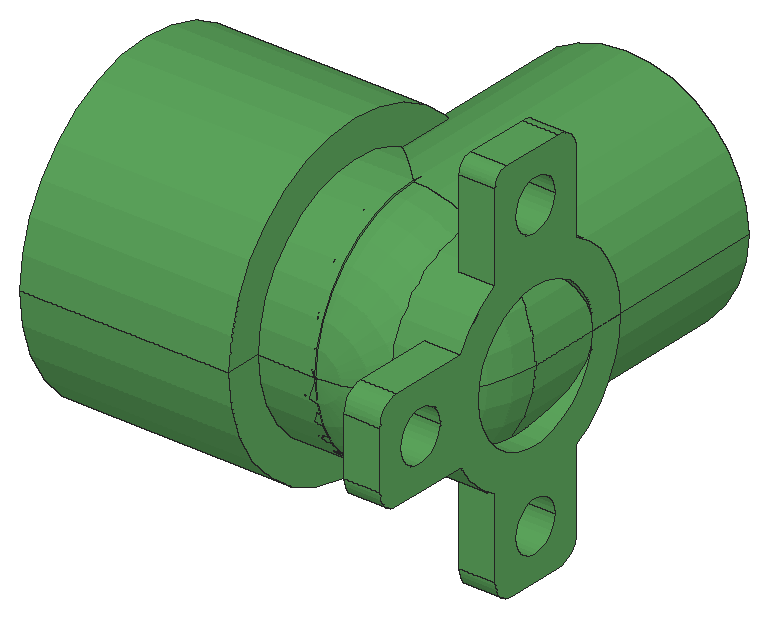
Revit family "Aquatherm_Настенная шайба под штукатурку", category Соединительные детали трубопроводов, Revit 2019
Family settings
  Размер круглого соединителя = Использовать диаметр
  Тип детали = Отвод
  На основе рабочей плоскости = Нет
  Всегда вертикально = Да
  При загрузке вырезать с полостями = Нет
  Общий = Нет
Parameters (values of type "SDR 6")
  Нержавеющая сталь [instance] = not(Латунь)  # yes
  Материал_Корпус_2 = AquaTherm латунь pipe
  Материал_Корпус = AquaTherm green pipe
  Латунь [instance] = no
  z2 [instance] = size_lookup("Настенная шайба под штукатурку", "z2", 18 mm, d, R, lt)  # 13 mm
  z1 [instance] = size_lookup("Настенная шайба под штукатурку", "z1", 18 mm, d, R, lt)  # 24 mm
  z [instance] = size_lookup("Настенная шайба под штукатурку", "z", 18 mm, d, R, lt)  # 22.5 mm
  r1 [instance] = d  # 20 mm
  r [instance] = D  # 34 mm
  n [instance] = z2  # 13 mm
  m [instance] = z  # 22.5 mm
  lt [instance] = if(Латунь, 1 mm, 0 mm)  # 0 mm
  l1 [instance] = size_lookup("Настенная шайба под штукатурку", "l1", 18 mm, d, R, lt)  # 37 mm
  d3 [instance] = 7 mm  # constant formula
  d1 [instance] = if(d = R, 18 mm, d)  # 18 mm
  c [instance] = size_lookup("Настенная шайба под штукатурку", "c", 18 mm, d, R, lt)  # 20 mm
  URL = "www.agpipe.ru"
  l [instance] = size_lookup("Настенная шайба под штукатурку", "l", 18 mm, d, R, lt)  # 37 mm
  d [instance] = 20 mm
  SDR = 6 mm
  R1 [instance] = R + 3 mm  # 23 mm
  R [instance] = 20 mm
  L [instance] = size_lookup("Настенная шайба под штукатурку", "L", 18 mm, d, R, lt)  # 54 mm
  D1 [instance] = size_lookup("Настенная шайба под штукатурку", "D1", 18 mm, d, R, lt)  # 44 mm
  D [instance] = size_lookup("Настенная шайба под штукатурку", "D", 18 mm, d, R, lt)  # 34 mm
  ADSK_Примечание = ""
  ADSK_Позиция [instance] = ""
  ADSK_Обозначение [instance] = ""
  ADSK_Наименование [instance] = size_lookup("Настенная шайба под штукатурку", "ADSK_Наименование", "Нет в каталоге", d, R, lt)  # "Настенная шайба под штукатурку DN20x3/4\""
  ADSK_Масса_Текст [instance] = size_lookup("Настенная шайба под штукатурку", "ADSK_Масса_Текст", "Нет в каталоге", d, R, lt)  # "0.101"
  ADSK_Код изделия [instance] = size_lookup("Настенная шайба под штукатурку", "ADSK_Код изделия", "Нет в каталоге", d, R, lt)  # "920110"
  ADSK_Завод-изготовитель = "Aquatherm"  # constant formula
  ADSK_Единица измерения = "шт."  # constant formula
Types (4, lengths in mm): name | z1 | z | r | m | l1 | d1 | l | SDR | R1 | R | L | D1 | D | ADSK_Наименование | ADSK_Масса_Текст | ADSK_Код изделия
  (no name) | 24 | 22.5 | 34 | 22.5 | 37 | 18 | 37 | 6 | 23 | 20 | 54 | 44 | 34 | "Настенная шайба под штукатурку DN20x3/4\"" | "0.101" | "920110"
  SDR 6 | 24 | 22.5 | 34 | 22.5 | 37 | 18 | 37 | 6 | 23 | 20 | 54 | 44 | 34 | "Настенная шайба под штукатурку DN20x3/4\"" | "0.101" | "920110"
  SDR 7.4 | 18.5 | 15.5 | 29.5 | 15.5 | 31.5 | 20 | 31 | 7.4 | 18 | 15 | 51 | 37 | 29.5 | "Настенная шайба под штукатурку DN20x1/2\"" | "0.084" | "920108"
  SDR 11 | 18.5 | 15.5 | 29.5 | 15.5 | 31.5 | 20 | 31 | 11 | 18 | 15 | 51 | 37 | 29.5 | "Настенная шайба под штукатурку DN20x1/2\"" | "0.084" | "920108"
Reference planes
  plane 1 "По центру (Вперед/Назад)": y = 0
  plane 2: z = 0
  plane 3 "По центру (Влево/Вправо)": x = 0
  plane 4: x = -24
  plane 5: x = -37
  plane 6: x = 17
  plane 7: y = 22.5
  plane 8: y = -20
  plane 9: y = 37
  plane 10: y = 22
  plane 11: y = -22
  plane 12: y = 11.5
  plane 13: y = -11.5
  plane 14: y = -17
  plane 15: y = 17
  plane 16: x = -17
  plane 17: x = 17
  plane 18: x = -9
  plane 19: x = 9
  plane 20: x = -10
  plane 21: x = 10
  plane 22: y = -17
  plane 23: y = 17
  plane 24: y = -10
  plane 25: y = 10
  plane 26: y = -10
  plane 27: y = 10
  plane 28: x = 14.5
Forms (mm)
  Revolve 1, solid, material "AquaTherm green pipe" <- "Материал_Корпус"
    sketch origin (0, 0, 0) x (1, 0, 0) y (0, 1, 0)
      loop
        line (-37, -11.5) -> (-37, -22) -> (-8, -22) -> (-8, -17) -> (0, -17) -> (0, -10) -> (-23.089, -10) -> (-24, -11.5) -> (-37, -11.5)
      axis (-37, 0) -> (0, 0)
    angle from 0 to 360
  Revolve 2, solid, material "AquaTherm green pipe" <- "Материал_Корпус"
    sketch origin (0, 0, 0) x (1, 0, 0) y (0, 1, 0)
      loop
        line (17, 0) -> (17, 37) -> (9, 37) -> (9, 22.5) -> (10, 22.5) -> (10, -10) -> (0, -10) -> (0, -17)
        arc (0, -17) -> (12.021, -12.021) -> (17, 0) r 17
      axis (0, -17) -> (0, 37)
    angle from 0 to 360
  Extrusion 3, solid, material "AquaTherm латунь pipe" <- "Материал_Корпус_2"
    sketch origin (0, 0, 0) x (0, 1, 0) y (0, 0, 1)
      loop
        circle (0, 0) r 11.5
      loop
        circle (0, 0) r 10
    from -37 to -24
Lines and regions (mm)
  reference lines
    curve 1: line (0, 0, 0) -> (0, 0, -23.5)
    curve 2: line (-24, 0, 0) -> (0, 0, 0)
    curve 3: line (0, 22.5, 0) -> (0, 0, 0)
Dimensions and locks
  "z1": plane 4 to plane 3 "По центру (Влево/Вправо)"
  "n": plane 5 to plane 4
  "L": plane 5 to plane 6
  "m": plane 1 "По центру (Вперед/Назад)" to plane 7
  "c": plane 8 to plane 1 "По центру (Вперед/Назад)"
  "l": plane 1 "По центру (Вперед/Назад)" to plane 9
  equal spacing: plane 10, plane 1 "По центру (Вперед/Назад)", plane 11
  "D1": plane 10 to plane 11
  equal spacing: plane 12, plane 1 "По центру (Вперед/Назад)", plane 13
  "R1": plane 12 to plane 13
  locked: Revolve 1 sketch curve to plane 3 "По центру (Влево/Вправо)" at 8
  equal spacing: plane 15, plane 1 "По центру (Вперед/Назад)", plane 14
  "D": plane 15 to plane 14
  equal spacing: plane 16, plane 3 "По центру (Влево/Вправо)", plane 17
  "D": plane 16 to plane 17
  equal spacing: plane 18, plane 3 "По центру (Влево/Вправо)", plane 19
  "d1": plane 18 to plane 19
  equal spacing: plane 20, plane 3 "По центру (Влево/Вправо)", plane 21
  "R": plane 20 to plane 21
  equal spacing: plane 22, plane 1 "По центру (Вперед/Назад)", plane 23
  "D": plane 22 to plane 23
  equal spacing: plane 24, plane 1 "По центру (Вперед/Назад)", plane 25
  "d": plane 24 to plane 25
  equal spacing: plane 27, plane 1 "По центру (Вперед/Назад)", plane 26
  "d": plane 27 to plane 26
  locked: plane 4 to Revolve 1 sketch curve at 0.911
  "R": diameter of Extrusion 3 sketch curve
  "R1": diameter of Extrusion 3 sketch curve
  aligned and locked: level to plane 2
  aligned and locked: Revolve 1 sketch curve to plane 5
  aligned and locked: Revolve 1 sketch curve to plane 13
  aligned and locked: Revolve 1 sketch curve to plane 3 "По центру (Влево/Вправо)"
  aligned and locked: Revolve 1 sketch curve to plane 11
  aligned and locked: Revolve 1 sketch curve to plane 14
  aligned and locked: Revolve 2 sketch curve to plane 21
  aligned and locked: plane 7 to Revolve 2 sketch curve
  aligned and locked: plane 9 to Revolve 2 sketch curve
  aligned and locked: plane 19 to Revolve 2 sketch curve
  aligned and locked: plane 17 to Revolve 2 sketch curve
  aligned and locked: Revolve 1 sketch curve to plane 26
  aligned and locked: plane 4 to Revolve 1 sketch curve
  aligned and locked: plane 4 to curve 2
  aligned and locked: plane 7 to curve 3
  aligned and locked: plane 6 to nested 1
  aligned and locked: Extrusion 3 to plane 5
  aligned and locked: plane 4 to Extrusion 3
Automatic sketch dimensions
  curve 1 to plane 1 "По центру (Вперед/Назад)" = 0 mm
  curve 1 to level = 0 mm
  curve 1 to level = 23.5 mm
  plane 1 "По центру (Вперед/Назад)" to curve 2 = 0 mm
  curve 3 to plane 3 "По центру (Влево/Вправо)" = 0 mm
  plane 1 "По центру (Вперед/Назад)" to Revolve 1 sketch curve = 0 mm
  Revolve 1 sketch curve to plane 5 = 1.828 mm
  Revolve 1 sketch curve to plane 3 "По центру (Влево/Вправо)" = 5.833 mm
  Revolve 2 sketch curve to plane 3 "По центру (Влево/Вправо)" = 0 mm  (x2)
  plane 22 to Revolve 2 sketch curve = 0 mm
  plane 24 to Revolve 2 sketch curve = 0 mm
  plane 1 "По центру (Вперед/Назад)" to Revolve 2 sketch curve = 0 mm
  Revolve 2 sketch curve to plane 23 = 0.454 mm
  Extrusion 3 sketch curve to Extrusion 3 sketch curve = 0 mm  (x2)
  Extrusion 3 sketch curve to level = 0 mm
  Extrusion 3 sketch curve to plane 1 "По центру (Вперед/Назад)" = 0 mm
Nested families
  nested 1: "Настенная шайба" at (-2.5, 0, 0), d <- "d", R <- "R", Материал_Корпус <- "Материал_Корпус", type "Настенная шайба"
    with Материал_Корпус AquaTherm green pipe, z2 13 mm, z1 18.5 mm, z 16.5 mm, l1 31.5 mm, l 31 mm, d3 7 mm, d 20 mm, c 20 mm, R 20 mm, L 51 mm, D1 37 mm, D 29.5 mm, ADSK_Позиция "", ADSK_Обозначение "", ADSK_Наименование "Проходная настенная шайба 90° 20мм x 1/2\" lG x 20мм", ADSK_Масса_Текст "", ADSK_Код изделия "20197", 2 yes
Connectors
  piping at (-24, 0, 0), diameter 20, driven by "R"
    settings: on curve 2, index 1, connector inside diameter 609.6 mm, connector length 0 mm, flow factor 0, pipe flow 0.0 L/s, pressure drop 0.0 Pa, fitting loss kfactor 0, connector angle 0.00°, fixture units 0, engagement length 0 mm, angle of deflection 0.00°, flow configuration 0, flow direction 0, fitting loss method 0, system type 7, joint type 0, gender type 0, connector reference index 2, connector utility 0, adjustable connector no, is connector primary yes, connector description ""
  piping at (0, 22.5, 0), diameter 20, driven by "d"
    settings: on curve 3, index 2, connector inside diameter 609.6 mm, connector length 0 mm, flow factor 0, pipe flow 0.0 L/s, pressure drop 0.0 Pa, fitting loss kfactor 0, connector angle 0.00°, fixture units 0, engagement length 0 mm, angle of deflection 0.00°, flow configuration 0, flow direction 0, fitting loss method 0, system type 7, joint type 0, gender type 0, connector reference index 1, connector utility 0, adjustable connector no, is connector primary no, connector description ""
Definition of nested family "Настенная шайба"
  Parameters (values of type "Настенная шайба")
    Материал_Корпус [instance] = none
    z2 [instance] = size_lookup("Настенная шайба под штукатурку", "z2", 18 mm, d)  # 13 mm
    z1 [instance] = size_lookup("Настенная шайба под штукатурку", "z1", 18 mm, d)  # 18.5 mm
    z [instance] = size_lookup("Настенная шайба под штукатурку", "z", 18 mm, d)  # 18 mm
    l1 [instance] = size_lookup("Настенная шайба под штукатурку", "l1", 18 mm, d)  # 31.5 mm
    d3 [instance] = 7 mm  # constant formula
    c [instance] = size_lookup("Настенная шайба под штукатурку", "c", 18 mm, d)  # 20 mm
    URL = "http://aquatherm.ru/"
    l [instance] = size_lookup("Настенная шайба под штукатурку", "l", 18 mm, d)  # 31 mm
    d [instance] = 15 mm
    R [instance] = 20 mm
    L [instance] = size_lookup("Настенная шайба под штукатурку", "L", 18 mm, d)  # 51 mm
    D1 [instance] = size_lookup("Настенная шайба под штукатурку", "D1", 18 mm, d)  # 29.5 mm
    D [instance] = size_lookup("Настенная шайба под штукатурку", "D", 18 mm, d)  # 37 mm
    ADSK_Примечание = ""
    ADSK_Позиция [instance] = ""
    ADSK_Обозначение [instance] = ""
    ADSK_Наименование [instance] = size_lookup("Проходная настенная шайба 90°", "ADSK_Наименование", "Нет в каталоге", d)  # "Нет в каталоге"
    ADSK_Масса_Текст [instance] = ""
    ADSK_Код изделия [instance] = size_lookup("Проходная настенная шайба 90°", "ADSK_Код изделия", "Нет в каталоге", d)  # "Нет в каталоге"
    ADSK_Завод-изготовитель = "Aquatherm"  # constant formula
    ADSK_Единица измерения = "шт."  # constant formula
    2 [instance] = yes
  Reference planes
    plane 1 "По центру (Вперед/Назад)": y = 0
    plane 2: z = 0
    plane 3 "По центру (Влево/Вправо)": x = 0
    plane 4: x = -18.5
    plane 5: x = -31.5
    plane 6: x = 19.5
    plane 7: y = 18
    plane 8: y = -20
    plane 9: y = 31
    plane 10: z = -20
    plane 11: z = 20
    plane 12: x = 14.5
  Forms (mm)
    Extrusion 1, solid, material <- "Материал_Корпус", visible <- "2"
      sketch origin (0, 0, 0) x (0, 1, 0) y (0, 0, 1)
        loop
          circle (0, 0) r 18.5
      from 0 to 19.5
    Extrusion 2, solid, material <- "Материал_Корпус", visible <- "2"
      sketch origin (0, 0, 0) x (0, 1, 0) y (0, 0, 1)
        loop
          circle (-20, 0) r 3.5
        loop
          circle (0, -20) r 3.5
        loop
          circle (0, 20) r 3.5
        loop
          line (-27, 4) -> (-27, -4)
          arc (-27, -4) -> (-26.121, -6.121) -> (-24, -7) r 3
          line (-24, -7) -> (-7, -7) -> (-7, -24)
          arc (-7, -24) -> (-6.121, -26.121) -> (-4, -27) r 3
          line (-4, -27) -> (4, -27)
          arc (4, -27) -> (6.121, -26.121) -> (7, -24) r 3
          line (7, -24) -> (7, -2.693) -> (7, 24)
          arc (7, 24) -> (6.121, 26.121) -> (4, 27) r 3
          line (4, 27) -> (-5, 27)
          arc (-5, 27) -> (-6.414, 26.414) -> (-7, 25) r 2
          line (-7, 25) -> (-7, 7) -> (-24, 7)
          arc (-24, 7) -> (-26.121, 6.121) -> (-27, 4) r 3
      from 14.5 to 19.5
    Extrusion 3, void
      sketch origin (0, 0, 0) x (0, 1, 0) y (0, 0, 1)
        loop
          circle (0, 0) r 7.5
      from 14.5 to 19.5
  Cuts and joins
    Extrusion 3 cuts Extrusion 1
    Extrusion 3 cuts Extrusion 2
    joined: Extrusion 1, Extrusion 2
  Lines and regions (mm)
    reference lines
      curve 1: line (0, 0, 0) -> (0, 0, -23.5)
  Dimensions and locks
    "z1": plane 4 to plane 3 "По центру (Влево/Вправо)"
    "z2": plane 5 to plane 4
    "L": plane 5 to plane 6
    "z": plane 1 "По центру (Вперед/Назад)" to plane 7
    "c": plane 8 to plane 1 "По центру (Вперед/Назад)"
    "l": plane 1 "По центру (Вперед/Назад)" to plane 9
    "c": level to plane 10
    "c": plane 11 to level
    locked: Extrusion 2 sketch curve to level at 7
    locked: level to Extrusion 2 sketch curve at 7
    locked: Extrusion 2 sketch curve to plane 8 at 7
    locked: plane 10 to Extrusion 2 sketch curve at 7
    Extrusion 2 sketch curve to plane 1 "По центру (Вперед/Назад)" to Extrusion 2 sketch curve = 7 mm locked, 7 mm locked
    locked: plane 11 to Extrusion 2 sketch curve at 7
    "D": diameter of Extrusion 1 sketch curve
    "d3": diameter of Extrusion 2 sketch curve  (x3)
    "d": diameter of Extrusion 3 sketch curve
    aligned and locked: level to plane 2
    aligned and locked: plane 6 to Extrusion 1
    aligned and locked: Extrusion 1 to plane 3 "По центру (Влево/Вправо)"
    aligned and locked: plane 8 to Extrusion 2 sketch curve
    aligned and locked: level to Extrusion 2 sketch curve
    aligned and locked: plane 1 "По центру (Вперед/Назад)" to Extrusion 2 sketch curve  (x2)
    aligned and locked: plane 11 to Extrusion 2 sketch curve
    aligned and locked: plane 10 to Extrusion 2 sketch curve
    aligned and locked: Extrusion 2 sketch curve to Extrusion 2 sketch curve
    aligned and locked: Extrusion 2 to plane 12
    aligned and locked: plane 6 to Extrusion 2
    aligned and locked: plane 6 to Extrusion 3
    aligned and locked: cut or joined group of Extrusion 1, Extrusion 2, Extrusion 3 to plane 12
  Automatic sketch dimensions
    curve 1 to plane 1 "По центру (Вперед/Назад)" = 0 mm
    curve 1 to level = 0 mm
    curve 1 to level = 23.5 mm
    Extrusion 1 sketch curve to level = 0 mm
    Extrusion 1 sketch curve to plane 1 "По центру (Вперед/Назад)" = 0 mm
    Extrusion 2 sketch curve to plane 8 = 4 mm  (x2)
    Extrusion 2 sketch curve to Extrusion 2 sketch curve = 2 mm
    plane 1 "По центру (Вперед/Назад)" to Extrusion 2 sketch curve = 4 mm
    Extrusion 2 sketch curve to Extrusion 2 sketch curve = 3 mm  (x2)
    Extrusion 2 sketch curve to level = 2.693 mm
    Extrusion 3 sketch curve to level = 0 mm
    Extrusion 3 sketch curve to plane 1 "По центру (Вперед/Назад)" = 0 mm
